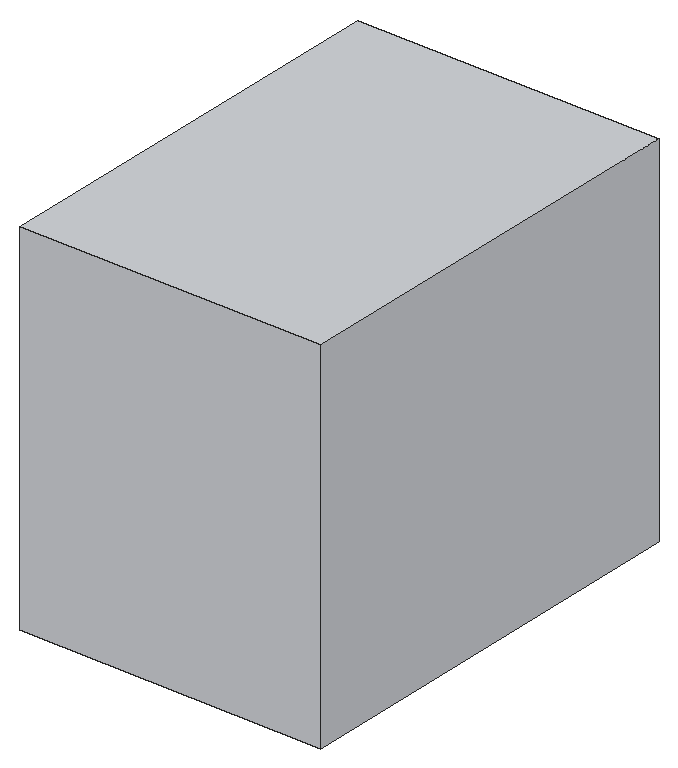
Revit family "Family", category Generic Models, Revit 2017
Family settings
  Can host rebar = No
  Round Connector Dimension = Use Diameter
  Part Type = Normal
  Work Plane-Based = No
  Always vertical = Yes
  Cut with Voids When Loaded = No
  Shared = No
  Room Calculation Point = No
Parameters
  Width [instance] = 10668 mm
  Length [instance] = 7620 mm
  Height [instance] = 9144 mm
Reference planes
  plane 1 "Center (Front/Back)": y = 0
  plane 2: z = 0
  plane 3 "Center (Left/Right)": x = 0
  plane 4: x = -3810
  plane 5: x = 3810
  plane 6: y = 5334
  plane 7: y = -5334
  plane 8: z = 9144
Forms (mm)
  Extrusion 1, solid
    sketch origin (0, 0, 0) x (1, 0, 0) y (0, 1, 0)
      loop
        line (-3810, 5334) -> (-3810, -5334) -> (3810, -5334) -> (3810, 5334) -> (-3810, 5334)
    from 0 to 9144
Dimensions and locks
  equal spacing: plane 4, plane 3 "Center (Left/Right)", plane 5
  "Length": plane 4 to plane 5
  equal spacing: plane 6, plane 1 "Center (Front/Back)", plane 7
  "Width": plane 6 to plane 7
  "Height": plane 8 to level
  aligned and locked: level to plane 2
  aligned and locked: Extrusion 1 sketch curve to plane 6
  aligned and locked: Extrusion 1 sketch curve to plane 4
  aligned and locked: Extrusion 1 sketch curve to plane 7
  aligned and locked: Extrusion 1 sketch curve to plane 5
  aligned and locked: Extrusion 1 to plane 8
